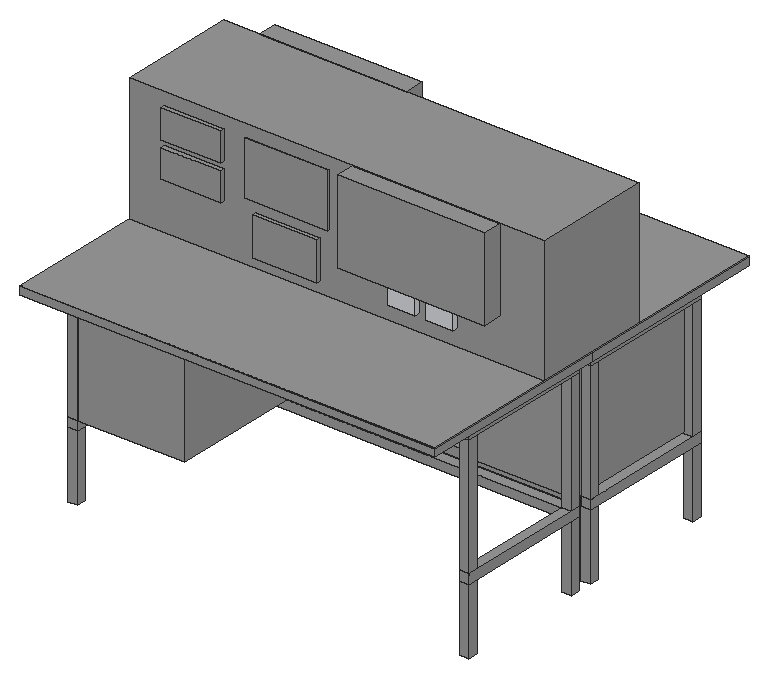
Revit family "ElectronicsBenchTopDouble", category Furniture, Revit 2025
Family settings
  OmniClass Number = 23.40.20.00
  OmniClass Title = General Furniture and Specialties
  Work Plane-Based = No
  Enable Cutting in Views = No
  Always vertical = Yes
  Cut with Voids When Loaded = No
  Render Appearance Source = Family Geometry
  Shared = No
  Room Calculation Point = No
Parameters
  Default Elevation = 0 mm
Reference planes
  plane 1 "FrontEdge": y = -845
  plane 2: z = 9.556
  plane 3 "Center (Left/Right)": x = 0
  plane 4: x = 1750
  plane 5: x = 150
  plane 6: x = 400
  plane 7: x = 492
  plane 8: x = 535
  plane 9: x = 805
  plane 10: x = 842
  plane 11: x = 942
  plane 12: x = 1562
  plane 13: z = 539.556
  plane 14 "Centreline": y = -20
  plane 15 "RearEdge": y = 805
  plane 16: z = 909.556
  plane 17 "RearConsole": y = 230
  plane 18 "FrontConsole": y = -270
Forms (mm)
  Extrusion 1, solid, not visible
    sketch origin (340.219, 0, -4.515) x (1, 0, 0) y (0, 0, 1)
      loop
        line (1166.781, -422.24) -> (1166.781, -497.24) -> (1281.781, -497.24) -> (1281.781, -422.24) -> (1166.781, -422.24)
    from 0 to 100
  Extrusion 2, void, not visible
    sketch origin (0, 0, -0.733) x (1, 0, 0) y (0, 0, 1)
      loop
        circle (1535.231, -463.13) r 15
      loop
        circle (1594.387, -462.957) r 15
    from 0 to 5
  Extrusion 3, solid, not visible
    sketch origin (180.219, 0, -4.515) x (1, 0, 0) y (0, 0, 1)
      loop
        line (1166.781, -422.24) -> (1166.781, -497.24) -> (1281.781, -497.24) -> (1281.781, -422.24) -> (1166.781, -422.24)
    from 0 to 100
  Extrusion 4, void, not visible
    sketch origin (-160, 0, -0.733) x (1, 0, 0) y (0, 0, 1)
      loop
        circle (1535.231, -463.13) r 15
      loop
        circle (1594.387, -462.957) r 15
    from 0 to 5
  Extrusion 5, solid, not visible
    sketch origin (97.34, 80, 567.327) x (1, 0, 0) y (0, 0, 1)
      loop
        line (1166.781, -422.24) -> (1166.781, -497.24) -> (1281.781, -497.24) -> (1281.781, -422.24) -> (1166.781, -422.24)
    from 0 to 100
  Extrusion 6, void, not visible
    sketch origin (-242.88, -20, 571.109) x (1, 0, 0) y (0, 0, 1)
      loop
        circle (1535.231, -463.13) r 15
      loop
        circle (1594.387, -462.957) r 15
    from 0 to 5
  Extrusion 7, solid, not visible
    sketch origin (-62.66, 80, 567.327) x (1, 0, 0) y (0, 0, 1)
      loop
        line (1166.781, -422.24) -> (1166.781, -497.24) -> (1281.781, -497.24) -> (1281.781, -422.24) -> (1166.781, -422.24)
    from 0 to 100
  Extrusion 8, void, not visible
    sketch origin (-402.88, -20, 571.109) x (1, 0, 0) y (0, 0, 1)
      loop
        circle (1535.231, -463.13) r 15
      loop
        circle (1594.387, -462.957) r 15
    from 0 to 5
  Extrusion 9, solid, material "Plywood, Side, 7 Ply", not visible
    sketch origin (829.616, -1903.81, 1413.477) x (1, 0, 0) y (0, 0, 1)
      loop
        line (-829.616, -130.888) -> (920.384, -130.888) -> (920.384, 399.112) -> (-829.616, 399.112) -> (-829.616, -130.888)
    from -350 to 250
  Extrusion 10, solid, material "Asphalt, Bitumen", not visible
    sketch origin (-0.384, -1903.81, 1272.588) x (1, 0, 0) y (0, 0, 1)
      loop
        line (942, 530) -> (942, 180) -> (1562, 180) -> (1562, 530) -> (942, 530)
    from 250 to 330
  Extrusion 11, solid, material "Asphalt, Bitumen", not visible
    sketch origin (-0.384, -1903.81, 1272.588) x (1, 0, 0) y (0, 0, 1)
      loop
        line (842, 480) -> (492, 480) -> (492, 253) -> (842, 253) -> (842, 480)
    from 150 to 255
  Extrusion 12, solid, material "Plastic, Formed", not visible
    sketch origin (-0.384, -1903.81, 1272.588) x (1, 0, 0) y (0, 0, 1)
      loop
        line (535, 210) -> (535, 50) -> (805, 50) -> (805, 210) -> (535, 210)
    from -35.942 to 270
  Extrusion 13, solid, material "Plastic, Formed", not visible
    sketch origin (-0.384, -1903.81, 1272.588) x (1, 0, 0) y (0, 0, 1)
      loop
        line (150, 480) -> (150, 360) -> (400, 360) -> (400, 480) -> (150, 480)
      loop
        line (150, 330) -> (150, 210) -> (400, 210) -> (400, 330) -> (150, 330)
    from 0 to 270
  Extrusion 14, solid, material "Asphalt, Bitumen", not visible
    sketch origin (1710.436, -1803.81, 1272.588) x (-1, 0, 0) y (0, 0, 1)
      loop
        line (942, 530) -> (942, 180) -> (1562, 180) -> (1562, 530) -> (942, 530)
    from 250 to 330
  Extrusion 15, solid, material "Asphalt, Bitumen", not visible
    sketch origin (1710.436, -1803.81, 1272.588) x (-1, 0, 0) y (0, 0, 1)
      loop
        line (842, 480) -> (492, 480) -> (492, 253) -> (842, 253) -> (842, 480)
    from 150 to 255
  Extrusion 16, solid, material "Plastic, Formed", not visible
    sketch origin (1710.436, -1803.81, 1272.588) x (-1, 0, 0) y (0, 0, 1)
      loop
        line (535, 210) -> (535, 50) -> (805, 50) -> (805, 210) -> (535, 210)
    from -35.942 to 270
  Extrusion 17, solid, material "Plastic, Formed", not visible
    sketch origin (1710.436, -1803.81, 1272.588) x (-1, 0, 0) y (0, 0, 1)
      loop
        line (150, 480) -> (150, 360) -> (400, 360) -> (400, 480) -> (150, 480)
      loop
        line (150, 330) -> (150, 210) -> (400, 210) -> (400, 330) -> (150, 330)
    from 0 to 270
  Extrusion 18, solid, not visible
    sketch origin (97.34, -2073.81, 1840.359) x (1, 0, 0) y (0, 0, 1)
      loop
        line (1166.781, -422.24) -> (1166.781, -497.24) -> (1281.781, -497.24) -> (1281.781, -422.24) -> (1166.781, -422.24)
    from 0 to 100
  Extrusion 19, void, not visible
    sketch origin (-242.88, -2173.81, 1844.141) x (1, 0, 0) y (0, 0, 1)
      loop
        circle (1535.231, -463.13) r 15
      loop
        circle (1594.387, -462.957) r 15
    from 0 to 5
  Extrusion 20, solid, not visible
    sketch origin (-62.66, -2073.81, 1840.359) x (1, 0, 0) y (0, 0, 1)
      loop
        line (1166.781, -422.24) -> (1166.781, -497.24) -> (1281.781, -497.24) -> (1281.781, -422.24) -> (1166.781, -422.24)
    from 0 to 100
  Extrusion 21, void, not visible
    sketch origin (-402.88, -2173.81, 1844.141) x (1, 0, 0) y (0, 0, 1)
      loop
        circle (1535.231, -463.13) r 15
      loop
        circle (1594.387, -462.957) r 15
    from 0 to 5
  Extrusion 22, solid, not visible
    sketch origin (1584.862, -1633.81, 1840.359) x (-1, 0, 0) y (0, 0, 1)
      loop
        line (1166.781, -422.24) -> (1166.781, -497.24) -> (1281.781, -497.24) -> (1281.781, -422.24) -> (1166.781, -422.24)
    from 0 to 100
  Extrusion 23, void, not visible
    sketch origin (1925.082, -1533.81, 1844.141) x (-1, 0, 0) y (0, 0, 1)
      loop
        circle (1535.231, -463.13) r 15
      loop
        circle (1594.387, -462.957) r 15
    from 0 to 5
  Extrusion 24, solid, not visible
    sketch origin (1744.862, -1633.81, 1840.359) x (-1, 0, 0) y (0, 0, 1)
      loop
        line (1166.781, -422.24) -> (1166.781, -497.24) -> (1281.781, -497.24) -> (1281.781, -422.24) -> (1166.781, -422.24)
    from 0 to 100
  Extrusion 25, void, not visible
    sketch origin (2085.082, -1533.81, 1844.141) x (-1, 0, 0) y (0, 0, 1)
      loop
        circle (1535.231, -463.13) r 15
      loop
        circle (1594.387, -462.957) r 15
    from 0 to 5
Dimensions and locks
  plane 14 "Centreline" to plane 1 "FrontEdge" = 825 mm
  nested 2 to plane 15 "RearEdge" = 825 mm
  plane 17 "RearConsole" to plane 15 "RearEdge" = 575 mm
  plane 14 "Centreline" to plane 18 "FrontConsole" to plane 1 "FrontEdge" = 250 mm, 575 mm
  plane 17 "RearConsole" to plane 14 "Centreline" = 250 mm
  aligned and locked: level to plane 2
Nested families
  nested 1: "SmallBench" at (0, -20, 9.556), type "SmallBench"
  nested 2: "SmallBench" at (1750, -20, 9.556) x (-1, 0, 0) z (0, 0, 1), type "SmallBench"
  nested 3: "ElectronicsBenchTop" at (0, -14.058, 909.556), type "ElectronicsBenchTop"
Definition of nested family "SmallBench"
  Parameters
    Default Elevation = 0 mm
  Reference planes
    plane 1 "CentreLong": y = 0
    plane 2: z = 0
    plane 3 "LeftEdge": x = 0
    plane 4 "FrontEdge": y = -825
    plane 5 "RightEdge": x = 1750
    plane 6 "DrawerFront": y = -610
    plane 7 "LeftSupport": x = 50
    plane 8 "BenchTop": z = 900
    plane 9 "BenchBottom": z = 865
    plane 10 "RightSupport": x = 1700
    plane 11 "BackSupport": y = -50
    plane 12 "DrawerInner": x = 520
  Forms (mm)
    Extrusion 1, solid
      sketch origin (0, 0, 0) x (1, 0, 0) y (0, 1, 0)
        loop
          line (0, 0) -> (0, -825) -> (1750, -825) -> (1750, 0) -> (0, 0)
      from 865 to 898
    Extrusion 2, solid
      sketch origin (1780, -548.097, 0) x (1, 0, 0) y (0, 1, 0)
        loop
          line (-100, 518.097) -> (-100, 478.097) -> (-60, 478.097) -> (-60, 518.097) -> (-100, 518.097)
      from 0 to 825
    Extrusion 3, solid
      sketch origin (1780, -1115, 0) x (1, 0, 0) y (0, 1, 0)
        loop
          line (-100, 545) -> (-100, 505) -> (-60, 505) -> (-60, 545) -> (-100, 545)
      from 0 to 825
    Extrusion 4, solid
      sketch origin (-700, -140, 0) x (1, 0, 0) y (0, 1, 0)
        loop
          line (2380, 110) -> (2380, -470) -> (2420, -470) -> (2420, 110) -> (2400, 110) -> (2380, 110)
      from 825 to 865
    Extrusion 5, solid
      sketch origin (-700, -180, 0) x (1, 0, 0) y (0, 1, 0)
        loop
          line (2380, 150) -> (2380, -430) -> (2420, -430) -> (2420, 150) -> (2380, 150)
      from 280 to 320
    Extrusion 6, solid
      sketch origin (0, 0, 0) x (1, 0, 0) y (0, 1, 0)
        loop
          line (70, 0) -> (70, -610) -> (520, -610) -> (520, 0) -> (70, 0)
      from 320 to 825
    Extrusion 7, solid, not visible
      sketch origin (1780, -548.097, 0) x (1, 0, 0) y (0, 1, 0)
        loop
          line (-100, 518.097) -> (-100, 478.097) -> (-60, 478.097) -> (-60, 518.097) -> (-100, 518.097)
      from 0 to 825
    Extrusion 8, solid, not visible
      sketch origin (1780, -1115, 0) x (1, 0, 0) y (0, 1, 0)
        loop
          line (-100, 545) -> (-100, 505) -> (-60, 505) -> (-60, 545) -> (-100, 545)
      from 0 to 825
    Extrusion 9, solid, not visible
      sketch origin (-700, -140, 0) x (1, 0, 0) y (0, 1, 0)
        loop
          line (2380, 110) -> (2380, -470) -> (2420, -470) -> (2420, 110) -> (2400, 110) -> (2380, 110)
      from 825 to 865
    Extrusion 10, solid, not visible
      sketch origin (-700, -180, 0) x (1, 0, 0) y (0, 1, 0)
        loop
          line (2380, 150) -> (2380, -430) -> (2420, -430) -> (2420, 150) -> (2380, 150)
      from 280 to 320
    Extrusion 11, solid
      sketch origin (130, -548.097, 0) x (1, 0, 0) y (0, 1, 0)
        loop
          line (-100, 518.097) -> (-100, 478.097) -> (-60, 478.097) -> (-60, 518.097) -> (-100, 518.097)
      from 0 to 825
    Extrusion 12, solid
      sketch origin (130, -1115, 0) x (1, 0, 0) y (0, 1, 0)
        loop
          line (-100, 545) -> (-100, 505) -> (-60, 505) -> (-60, 545) -> (-100, 545)
      from 0 to 825
    Extrusion 13, solid
      sketch origin (-2350, -140, 0) x (1, 0, 0) y (0, 1, 0)
        loop
          line (2380, 110) -> (2380, -470) -> (2420, -470) -> (2420, 110) -> (2400, 110) -> (2380, 110)
      from 825 to 865
    Extrusion 14, solid
      sketch origin (-2350, -180, 0) x (1, 0, 0) y (0, 1, 0)
        loop
          line (2380, 150) -> (2380, -430) -> (2420, -430) -> (2420, 150) -> (2380, 150)
      from 280 to 320
    Extrusion 15, solid
      sketch origin (0, 0, -200) x (0, 1, 0) y (0, 0, 1)
        loop
          line (-30, 520) -> (-70, 520) -> (-70, 480) -> (-30, 480) -> (-30, 520)
      from 70 to 1680
    Extrusion 16, solid
      sketch origin (0, 0, 465) x (0, 1, 0) y (0, 0, 1)
        loop
          line (-30, 400) -> (-70, 400) -> (-70, 360) -> (-30, 360) -> (-30, 400)
      from 70 to 1680
    Extrusion 17, solid
      sketch origin (0, 0, 0) x (1, 0, 0) y (0, 1, 0)
        loop
          line (0, 0) -> (0, -825) -> (1750, -825) -> (1750, 0) -> (0, 0)
      from 898 to 900
  Dimensions and locks
    plane 3 "LeftEdge" to plane 5 "RightEdge" = 1750 mm
    plane 12 "DrawerInner" to Extrusion 3 = 1160 mm
    plane 8 "BenchTop" to level = 900 mm
    plane 5 "RightEdge" to plane 3 "LeftEdge" = 1750 mm
    Extrusion 6 to Extrusion 12 = 450 mm
    Extrusion 13 to Extrusion 6 = 450 mm
    Extrusion 6 to Extrusion 4 = 1160 mm
    plane 4 "FrontEdge" to plane 1 "CentreLong" = 825 mm
    aligned and locked: level to plane 2
Definition of nested family "ElectronicsBenchTop"
  Parameters
    Default Elevation = 0 mm
  Reference planes
    plane 1 "Front Face": y = -255.942
    plane 2: z = 0
    plane 3 "Left": x = 0
    plane 4 "Right": x = 1750
    plane 5: x = 150
    plane 6: x = 400
    plane 7: x = 492
    plane 8: x = 535
    plane 9: x = 805
    plane 10: x = 842
    plane 11: x = 942
    plane 12: x = 1562
    plane 13 "Centreline": y = -5.942
    plane 14: z = 0
    plane 15 "Top": z = 530
    plane 16: y = 244.058
  Forms (mm)
    Extrusion 1, solid
      sketch origin (829.616, -5.942, 120.888) x (1, 0, 0) y (0, 0, 1)
        loop
          line (-829.616, -120.888) -> (920.384, -120.888) -> (920.384, 409.112) -> (-829.616, 409.112) -> (-829.616, -120.888)
      from -250 to 250
    Extrusion 2, solid
      sketch origin (-0.384, -5.942, 0) x (1, 0, 0) y (0, 0, 1)
        loop
          line (942, 530) -> (942, 180) -> (1562, 180) -> (1562, 530) -> (942, 530)
      from 250 to 330
    Extrusion 3, solid
      sketch origin (-0.384, -5.942, 0) x (1, 0, 0) y (0, 0, 1)
        loop
          line (842, 480) -> (492, 480) -> (492, 253) -> (842, 253) -> (842, 480)
      from 150 to 255
    Extrusion 4, solid
      sketch origin (-0.384, -5.942, 0) x (1, 0, 0) y (0, 0, 1)
        loop
          line (535, 210) -> (535, 50) -> (805, 50) -> (805, 210) -> (535, 210)
      from -35.942 to 270
    Extrusion 5, solid
      sketch origin (-0.384, -5.942, 0) x (1, 0, 0) y (0, 0, 1)
        loop
          line (150, 480) -> (150, 360) -> (400, 360) -> (400, 480) -> (150, 480)
        loop
          line (150, 330) -> (150, 210) -> (400, 210) -> (400, 330) -> (150, 330)
      from 0 to 270
    Extrusion 6, solid
      sketch origin (1710.436, -5.942, 0) x (-1, 0, 0) y (0, 0, 1)
        loop
          line (942, 530) -> (942, 180) -> (1562, 180) -> (1562, 530) -> (942, 530)
      from 250 to 330
    Extrusion 7, solid
      sketch origin (1710.436, -5.942, 0) x (-1, 0, 0) y (0, 0, 1)
        loop
          line (842, 480) -> (492, 480) -> (492, 253) -> (842, 253) -> (842, 480)
      from 150 to 255
    Extrusion 8, solid
      sketch origin (1710.436, -5.942, 0) x (-1, 0, 0) y (0, 0, 1)
        loop
          line (535, 210) -> (535, 50) -> (805, 50) -> (805, 210) -> (535, 210)
      from -35.942 to 270
    Extrusion 9, solid
      sketch origin (1710.436, -5.942, 0) x (-1, 0, 0) y (0, 0, 1)
        loop
          line (150, 480) -> (150, 360) -> (400, 360) -> (400, 480) -> (150, 480)
        loop
          line (150, 330) -> (150, 210) -> (400, 210) -> (400, 330) -> (150, 330)
      from 0 to 270
    Extrusion 10, solid
      sketch origin (97.34, -175.942, 567.771) x (1, 0, 0) y (0, 0, 1)
        loop
          line (1166.781, -422.24) -> (1166.781, -497.24) -> (1281.781, -497.24) -> (1281.781, -422.24) -> (1166.781, -422.24)
      from 0 to 100
    Extrusion 11, void
      sketch origin (-242.88, -275.942, 571.553) x (1, 0, 0) y (0, 0, 1)
        loop
          circle (1535.231, -463.13) r 15
        loop
          circle (1594.387, -462.957) r 15
      from 0 to 5
    Extrusion 12, solid
      sketch origin (-62.66, -175.942, 567.771) x (1, 0, 0) y (0, 0, 1)
        loop
          line (1166.781, -422.24) -> (1166.781, -497.24) -> (1281.781, -497.24) -> (1281.781, -422.24) -> (1166.781, -422.24)
      from 0 to 100
    Extrusion 13, void
      sketch origin (-402.88, -275.942, 571.553) x (1, 0, 0) y (0, 0, 1)
        loop
          circle (1535.231, -463.13) r 15
        loop
          circle (1594.387, -462.957) r 15
      from 0 to 5
    Extrusion 14, solid, not visible
      sketch origin (340.219, 0, -4.515) x (1, 0, 0) y (0, 0, 1)
        loop
          line (1166.781, -422.24) -> (1166.781, -497.24) -> (1281.781, -497.24) -> (1281.781, -422.24) -> (1166.781, -422.24)
      from 0 to 100
    Extrusion 15, void, not visible
      sketch origin (0, 0, -0.733) x (1, 0, 0) y (0, 0, 1)
        loop
          circle (1535.231, -463.13) r 15
        loop
          circle (1594.387, -462.957) r 15
      from 0 to 5
    Extrusion 16, solid, not visible
      sketch origin (180.219, 0, -4.515) x (1, 0, 0) y (0, 0, 1)
        loop
          line (1166.781, -422.24) -> (1166.781, -497.24) -> (1281.781, -497.24) -> (1281.781, -422.24) -> (1166.781, -422.24)
      from 0 to 100
    Extrusion 17, void, not visible
      sketch origin (-160, 0, -0.733) x (1, 0, 0) y (0, 0, 1)
        loop
          circle (1535.231, -463.13) r 15
        loop
          circle (1594.387, -462.957) r 15
      from 0 to 5
    Extrusion 18, solid
      sketch origin (1584.862, 164.058, 567.771) x (-1, 0, 0) y (0, 0, 1)
        loop
          line (1166.781, -422.24) -> (1166.781, -497.24) -> (1281.781, -497.24) -> (1281.781, -422.24) -> (1166.781, -422.24)
      from 0 to 100
    Extrusion 19, void
      sketch origin (1925.082, 264.058, 571.553) x (-1, 0, 0) y (0, 0, 1)
        loop
          circle (1535.231, -463.13) r 15
        loop
          circle (1594.387, -462.957) r 15
      from 0 to 5
    Extrusion 20, solid
      sketch origin (1744.862, 164.058, 567.771) x (-1, 0, 0) y (0, 0, 1)
        loop
          line (1166.781, -422.24) -> (1166.781, -497.24) -> (1281.781, -497.24) -> (1281.781, -422.24) -> (1166.781, -422.24)
      from 0 to 100
    Extrusion 21, void
      sketch origin (2085.082, 264.058, 571.553) x (-1, 0, 0) y (0, 0, 1)
        loop
          circle (1535.231, -463.13) r 15
        loop
          circle (1594.387, -462.957) r 15
      from 0 to 5
    Extrusion 22, solid, not visible
      sketch origin (97.34, 80, 567.327) x (1, 0, 0) y (0, 0, 1)
        loop
          line (1166.781, -422.24) -> (1166.781, -497.24) -> (1281.781, -497.24) -> (1281.781, -422.24) -> (1166.781, -422.24)
      from 0 to 100
    Extrusion 23, void, not visible
      sketch origin (-242.88, -20, 571.109) x (1, 0, 0) y (0, 0, 1)
        loop
          circle (1535.231, -463.13) r 15
        loop
          circle (1594.387, -462.957) r 15
      from 0 to 5
    Extrusion 24, solid, not visible
      sketch origin (-62.66, 80, 567.327) x (1, 0, 0) y (0, 0, 1)
        loop
          line (1166.781, -422.24) -> (1166.781, -497.24) -> (1281.781, -497.24) -> (1281.781, -422.24) -> (1166.781, -422.24)
      from 0 to 100
    Extrusion 25, void, not visible
      sketch origin (-402.88, -20, 571.109) x (1, 0, 0) y (0, 0, 1)
        loop
          circle (1535.231, -463.13) r 15
        loop
          circle (1594.387, -462.957) r 15
      from 0 to 5
    Extrusion 26, solid, not visible
      sketch origin (829.616, -1903.81, 1413.477) x (1, 0, 0) y (0, 0, 1)
        loop
          line (-829.616, -130.888) -> (920.384, -130.888) -> (920.384, 399.112) -> (-829.616, 399.112) -> (-829.616, -130.888)
      from -350 to 250
    Extrusion 27, solid, not visible
      sketch origin (-0.384, -1903.81, 1272.588) x (1, 0, 0) y (0, 0, 1)
        loop
          line (942, 530) -> (942, 180) -> (1562, 180) -> (1562, 530) -> (942, 530)
      from 250 to 330
    Extrusion 28, solid, not visible
      sketch origin (-0.384, -1903.81, 1272.588) x (1, 0, 0) y (0, 0, 1)
        loop
          line (842, 480) -> (492, 480) -> (492, 253) -> (842, 253) -> (842, 480)
      from 150 to 255
    Extrusion 29, solid, not visible
      sketch origin (-0.384, -1903.81, 1272.588) x (1, 0, 0) y (0, 0, 1)
        loop
          line (535, 210) -> (535, 50) -> (805, 50) -> (805, 210) -> (535, 210)
      from -35.942 to 270
    Extrusion 30, solid, not visible
      sketch origin (-0.384, -1903.81, 1272.588) x (1, 0, 0) y (0, 0, 1)
        loop
          line (150, 480) -> (150, 360) -> (400, 360) -> (400, 480) -> (150, 480)
        loop
          line (150, 330) -> (150, 210) -> (400, 210) -> (400, 330) -> (150, 330)
      from 0 to 270
    Extrusion 31, solid, not visible
      sketch origin (1710.436, -1803.81, 1272.588) x (-1, 0, 0) y (0, 0, 1)
        loop
          line (942, 530) -> (942, 180) -> (1562, 180) -> (1562, 530) -> (942, 530)
      from 250 to 330
    Extrusion 32, solid, not visible
      sketch origin (1710.436, -1803.81, 1272.588) x (-1, 0, 0) y (0, 0, 1)
        loop
          line (842, 480) -> (492, 480) -> (492, 253) -> (842, 253) -> (842, 480)
      from 150 to 255
    Extrusion 33, solid, not visible
      sketch origin (1710.436, -1803.81, 1272.588) x (-1, 0, 0) y (0, 0, 1)
        loop
          line (535, 210) -> (535, 50) -> (805, 50) -> (805, 210) -> (535, 210)
      from -35.942 to 270
    Extrusion 34, solid, not visible
      sketch origin (1710.436, -1803.81, 1272.588) x (-1, 0, 0) y (0, 0, 1)
        loop
          line (150, 480) -> (150, 360) -> (400, 360) -> (400, 480) -> (150, 480)
        loop
          line (150, 330) -> (150, 210) -> (400, 210) -> (400, 330) -> (150, 330)
      from 0 to 270
    Extrusion 35, solid, not visible
      sketch origin (97.34, -2073.81, 1840.359) x (1, 0, 0) y (0, 0, 1)
        loop
          line (1166.781, -422.24) -> (1166.781, -497.24) -> (1281.781, -497.24) -> (1281.781, -422.24) -> (1166.781, -422.24)
      from 0 to 100
    Extrusion 36, void, not visible
      sketch origin (-242.88, -2173.81, 1844.141) x (1, 0, 0) y (0, 0, 1)
        loop
          circle (1535.231, -463.13) r 15
        loop
          circle (1594.387, -462.957) r 15
      from 0 to 5
    Extrusion 37, solid, not visible
      sketch origin (-62.66, -2073.81, 1840.359) x (1, 0, 0) y (0, 0, 1)
        loop
          line (1166.781, -422.24) -> (1166.781, -497.24) -> (1281.781, -497.24) -> (1281.781, -422.24) -> (1166.781, -422.24)
      from 0 to 100
    Extrusion 38, void, not visible
      sketch origin (-402.88, -2173.81, 1844.141) x (1, 0, 0) y (0, 0, 1)
        loop
          circle (1535.231, -463.13) r 15
        loop
          circle (1594.387, -462.957) r 15
      from 0 to 5
    Extrusion 39, solid, not visible
      sketch origin (1584.862, -1633.81, 1840.359) x (-1, 0, 0) y (0, 0, 1)
        loop
          line (1166.781, -422.24) -> (1166.781, -497.24) -> (1281.781, -497.24) -> (1281.781, -422.24) -> (1166.781, -422.24)
      from 0 to 100
    Extrusion 40, void, not visible
      sketch origin (1925.082, -1533.81, 1844.141) x (-1, 0, 0) y (0, 0, 1)
        loop
          circle (1535.231, -463.13) r 15
        loop
          circle (1594.387, -462.957) r 15
      from 0 to 5
    Extrusion 41, solid, not visible
      sketch origin (1744.862, -1633.81, 1840.359) x (-1, 0, 0) y (0, 0, 1)
        loop
          line (1166.781, -422.24) -> (1166.781, -497.24) -> (1281.781, -497.24) -> (1281.781, -422.24) -> (1166.781, -422.24)
      from 0 to 100
    Extrusion 42, void, not visible
      sketch origin (2085.082, -1533.81, 1844.141) x (-1, 0, 0) y (0, 0, 1)
        loop
          circle (1535.231, -463.13) r 15
        loop
          circle (1594.387, -462.957) r 15
      from 0 to 5
  Cuts and joins
    Extrusion 11, Extrusion 13, Extrusion 19 cuts Extrusion 10
    Extrusion 13, Extrusion 21 cuts Extrusion 12
    Extrusion 19 cuts Extrusion 18
    Extrusion 21 cuts Extrusion 20
  Dimensions and locks
    plane 3 "Left" to Extrusion 1 = 1750 mm
    locked: plane 13 "Centreline" to plane 1 "Front Face" at 250
    locked: plane 13 "Centreline" to plane 16 at 250
    locked: plane 1 "Front Face" to Extrusion 2
    locked: plane 16 to Extrusion 6
    locked: Extrusion 1 to level at 530
    aligned and locked: level to plane 2
